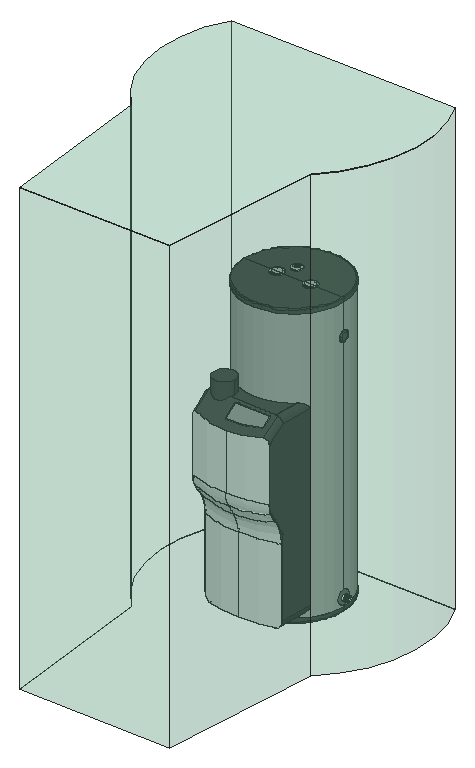
Revit family "Innovo FR_IR 12 160 FR NAT", category Mechanical Equipment, Revit 2015
Parameters (values of type "IR-12-160 FR NAT")
  largeur d'emballage = 786 mm  # constant formula
  l'Intervalle d'Entretien = "12 mois"  # constant formula
  Workspace Radius = Diameter + 170 mm  # 780 mm
  Workspace Height = Hauteur + 1000 mm  # 2745 mm
  Workspace Front Distance = 1000 mm
  Workspace [instance] = yes
  Valve Height 02 = if(and(Hauteur = 1745 mm, Diameter = 675 mm), 1518 mm, if(and(Hauteur = 1745 mm, Diameter = 610 mm), 1534 mm, if(Hauteur = 1545 mm, 1328 mm, 1070 mm)))  # 1534 mm
  Valve Height 01 = if(and(Diameter > 560 mm), 693 mm, 604 mm)  # 693 mm
  Valeur Maximale du Thermostat de Régulation = 85 °C  # constant formula
  Valeur Manimale du Thermostat de Régulation = 40 °C  # constant formula
  Valeur Défaut du Thermostat de Régulation = 65 °C  # constant formula
  URL = "www.aosmith.fr"
  Type d'Installation = "B23/C13/C33/C43/C53/C63"  # constant formula
  Type d'emballage = "Carton et bois"  # constant formula
  Tension d'Alimentation (-15%, +10%) = 230 V  # constant formula
  Température Maximale des Fumées = 57 °C
  Temps de réchauffement à ΔT = 70°C = "49"
  Temps de réchauffement à ΔT = 55°C = "39"
  Temps de réchauffement à ΔT = 50°C = "35"
  Temps de réchauffement à ΔT = 44°C = "31"
  Temps de réchauffement à ΔT = 28°C = "20"
  Spécifications du Produit = ""
  Réglages du thermostat du chauffe-eau = 65 °C  # constant formula
  Réglage Standard Pour = "G20/G25"
  Rendement Saisonnier (Hs) = [Rendement (Hs, acc. NEN-EN 89 - 1999)]  # 97
  Rendement (Hs, acc. NEN-EN 89 - 1999) = 97
  Rendement (Hi, acc. NEN-EN 89 - 1999) = 108
  Raccord Évacuation de la Condensation = 40 mm  # constant formula
  Raccord de la Soupape de Vidange = 1"
  Raccord de Sortie d'Eau Chaude = 1"
  Raccord de Gaz = 15"  # constant formula
  Raccord d'Alimentation en Eau Froide = 3/4"  # constant formula
  Raccord Robinet de Vidange = 3/4"  # constant formula
  Puissance Électrique Absorbée (sommet) = 105 W
  Puissance Électrique Absorbée (nominal) = 51 W
  Profondeur d'emballage = 946 mm  # constant formula
  Profondeur = 780 mm  # constant formula
  Profils de soutirage déclaré = "XXL"
  Production Nominale = "23800.0/23000.0"
  Pression de Fonctionnement Maximale = 800000.0 Pa  # constant formula
  Pression Différentielle d'Ouverture de l'Interrupteur de Pression < = 210.0 Pa
  Pression Amont de Gaz = "2000/2500 Pa"
  Precaustions during assembling, installation or maintenance = "voir Manuel d'installation, d'emploi er d'entretien"  # constant formula
  Poids à vide = 136 kg
  Poids de Transport = 153 kg
  Phase = 1
  Pertes en Veille - tous les jours (24h) = 0 W
  Pertes en Veille = 0 W
  Nombre de modèle du produit (EAN) = "8717449286217"
  Niveau du Son dB (A) = "<45"  # constant formula
  Niveau de puissance acoustique à l'intérieur = "53 dB"
  NOx-émissions mg/kWh = "33.0/25.0"
  NOx-émissions (ven air, 0% O2) ppm = "21.0/15.0"
  Modèdele = "IR-24-285"
  Model = "IR-24-285 FR NAT"
  Marque commerciale = "A.O. Smith"  # constant formula
  Manufacturer = "A.O. Smith Water Products Company b.v."  # constant formula
  Largeur = Diameter  # 610 mm
  La commande intelligente = no
  L'efficacité énergétique pour le chauffage de l'eau (2) = "-"
  L'efficacité énergétique pour le chauffage de l'eau (1) = "91%"
  Hauteur du Raccordement au Gaz = 905 mm
  Hauteur de la Sortie d'eau Chaude = 1745 mm
  Hauteur de l'Alimentation en eau Froide = 170 mm
  Hauteur d'emballage = 1895 mm
  Hauteur Conduit d'Évacuation des Fumées = 1350 mm
  Hauteur Conduit d'Alimentation en Air = 1350 mm
  Hauteur = 1745 mm
  Guide de Produit = ""
  Garantie sur la Cuve = "36 mois"  # constant formula
  Garantie Pièces = "12 mois"  # constant formula
  Fréquence secteur = 50 Hz  # constant formula
  Forctionner qu'en heures creuses = no
  Fabricant No. = "E 7110"  # constant formula
  Epaisseur d'Isolation = 44 mm
  Débit de vidage à ΔT = 70°C après 90 min. = 630.0 L
  Débit de vidage à ΔT = 70°C après 60 min. = 490.0 L
  Débit de vidage à ΔT = 70°C après 30 min. = 340.0 L
  Débit de vidage à ΔT = 70°C après 120 min. = 780.0 L
  Débit de vidage à ΔT = 55°C après 90 min. = 830.0 L
  Débit de vidage à ΔT = 55°C après 60 min. = 650.0 L
  Débit de vidage à ΔT = 55°C après 30 min. = 460.0 L
  Débit de vidage à ΔT = 55°C après 120 min. = 1100.0 L
  Débit de vidage à ΔT = 50°C après 90 min. = 920.0 L
  Débit de vidage à ΔT = 50°C après 60 min. = 720.0 L
  Débit de vidage à ΔT = 50°C après 30 min. = 510.0 L
  Débit de vidage à ΔT = 50°C après 120 min. = 1200.0 L
  Débit de vidage à ΔT = 44°C après 90 min. = 1100.0 L
  Débit de vidage à ΔT = 44°C après 60 min. = 820.0 L
  Débit de vidage à ΔT = 44°C après 30 min. = 590.0 L
  Débit de vidage à ΔT = 44°C après 120 min. = 1300.0 L
  Débit de vidage à ΔT = 28°C après 90 min. = 1700.0 L
  Débit de vidage à ΔT = 28°C après 60 min. = 1400.0 L
  Débit de vidage à ΔT = 28°C après 30 min. = 960.0 L
  Débit de vidage à ΔT = 28°C après 120 min. = 2100.0 L
  Débit de vidage en Continu à ΔT = 70°C = 290.0 L/s
  Débit de vidage en Continu à ΔT = 55°C = 370.0 L/s
  Débit de vidage en Continu à ΔT = 50°C = 410.0 L/s
  Débit de vidage en Continu à ΔT = 44°C = 460.0 L/s
  Débit de vidage en Continu à ΔT = 28°C = 740.0 L/s
  Diamètre Cheminée - Système Parallèle = "2x80"  # constant formula
  Diamètre Cheminée - Système Concentrique = "80/125 mm/mm"  # constant formula
  Diamètre Cheminée - Boiler = "80/125 mm/mm"  # constant formula
  Diameter = 610 mm
  Destination / Country = "France"  # constant formula
  Description = "Préparateur ECS Solaire en Combinaison avec Réservoir de Stockage"  # constant formula
  D'autres profils de soutirage = "-"
  Created By = "http://www.cadcompany.nl/"
  Consommation de Gaz - Volume ltr/hr = "2.30/2.60"
  Consommation de Gaz - Masse kg/h = "a/p"
  Class d'efficacité énergétique (2) = "-"
  Class d'efficacité énergétique (1) = "A"  # constant formula
  Charge Nominale (Valeur Supérieure) = "24400.0/23700.0"
  Charge Nominale (Valeur Inférieure) = "22000.0/21300.0"
  Charge Maximale au Sol = 438 kg
  Catégorie de Gaz = "II2Esi3P"  # constant formula
  Capacité = 285.0 L
  CO2 Émissions (tol. +/- 1.0) vol% = "9.3/9.3"
  CE-PIN = "0063CQ3037"  # constant formula
  BIM Content Developer = "CAD & Company"  # constant formula
  Assembly Code = "D3010"
  Annual fuel consumption (2) = "-"
  Annual fuel consumption (1) = "21 GJ GCV"
  Annual electricity consumption (2) = "-"
  Annual electricity consumption (1) = "45 kWh"
  2ème Entretien (Entretien Général) = "12 mois après l'installation"  # constant formula
  1er Entretien (check-up) = "3 mois après l'installation"  # constant formula
Reference planes
  plane 1 "Center (Front/Back)": y = 0
  plane 2: z = 0
  plane 3 "Center (Left/Right)": x = 0
  plane 4 "Pipe": through (-383.901, 912.349, 194.799) normal (-0.0879, -0.0879, 0.9923)
  plane 5 "footing": y = 118.925
  plane 6 "footing front": y = -237.85
  plane 7: x = -305
  plane 8: x = 305
  plane 9: z = 1745
Forms (mm)
  Revolve 1, solid, material "RAL 9005", detail levels medium+fine
    sketch origin (0, -237.85, 0) x (-1, 0, 0) y (0, 0, 1)
      loop
        line (0, 28.9) -> (-15, 28.9) -> (-15, 26.4) -> (-8.671, 26.4) -> (-8.671, 18) -> (-5.686, 18) -> (-6.626, 17.06) -> (-6.626, 12.06) -> (-8.671, 12.06) -> (-8.671, 10) -> (-10.031, 10) -> (-23.271, 5.181)
        arc (-23.271, 5.181) -> (-23.763, 4.836) -> (-24.017, 4.293) r 1.159
        line (-24.017, 4.293) -> (-24.017, 1.03)
        arc (-24.017, 1.03) -> (-23.715, 0.302) -> (-22.986, 0) r 1.03
        line (-22.986, 0) -> (0, 0) -> (0, 28.9)
      axis (0, 28.9) -> (0, 0)
    angle from 0 to 360
  Revolve 2, solid, material "RAL 9005", detail levels medium+fine
    sketch origin (0, 118.925, 0) x (-1, 0, 0) y (0, 0, 1)
      loop
        line (-205.984, 28.9) -> (-220.984, 28.9) -> (-220.984, 26.4) -> (-214.655, 26.4) -> (-214.655, 18) -> (-211.67, 18) -> (-212.61, 17.06) -> (-212.61, 12.06) -> (-214.655, 12.06) -> (-214.655, 10) -> (-216.015, 10) -> (-229.256, 5.181)
        arc (-229.256, 5.181) -> (-229.747, 4.836) -> (-230.001, 4.293) r 1.159
        line (-230.001, 4.293) -> (-230.001, 1.03)
        arc (-230.001, 1.03) -> (-229.699, 0.302) -> (-228.971, 0) r 1.03
        line (-228.971, 0) -> (-205.984, 0) -> (-205.984, 28.9)
      axis (-205.984, 28.9) -> (-205.984, 0)
    angle from 0 to 360
  Revolve 3, solid, material "RAL 9005", detail levels medium+fine
    sketch origin (0, 118.925, 0) x (-1, 0, 0) y (0, 0, 1)
      loop
        line (204.016, 28.9) -> (189.016, 28.9) -> (189.016, 26.4) -> (195.345, 26.4) -> (195.345, 18) -> (198.33, 18) -> (197.39, 17.06) -> (197.39, 12.06) -> (195.345, 12.06) -> (195.345, 10) -> (193.985, 10) -> (180.744, 5.181)
        arc (180.744, 5.181) -> (180.253, 4.836) -> (179.999, 4.293) r 1.159
        line (179.999, 4.293) -> (179.999, 1.03)
        arc (179.999, 1.03) -> (180.301, 0.302) -> (181.029, 0) r 1.03
        line (181.029, 0) -> (204.016, 0) -> (204.016, 28.9)
      axis (204.016, 28.9) -> (204.016, 0)
    angle from 0 to 360
Lines and regions (mm)
  symbolic lines
    curve 1: line (0, 280.06, 0) -> (0, -280.06, 0)
    curve 2: line (-280.06, 0, 0) -> (280.06, 0, 0)
  symbolic lines, style "Workspace"
    curve 3: line (681.142, 380.06, 0) -> (-681.142, 380.06, 0)
    curve 4: arc (-681.142, 380.06, 0) -> (-777.325, -64.546, 0) -> (-609.127, -487.2, 0) r 780
    curve 5: line (-609.127, -487.2, 0) -> (-421.783, -1517.825, 0)
    curve 6: line (-421.783, -1517.825, 0) -> (424.03, -1517.825, 0)
    curve 7: line (424.03, -1517.825, 0) -> (611.027, -484.816, 0)
    curve 8: arc (611.027, -484.816, 0) -> (777.449, -63.027, 0) -> (681.142, 380.06, 0) r 780
Dimensions and locks
  plane 5 "footing" to plane 1 "Center (Front/Back)" = 118.925 mm
  plane 1 "Center (Front/Back)" to plane 6 "footing front" = 237.85 mm
  "Diameter": plane 7 to plane 8
  equal spacing: plane 7, plane 3 "Center (Left/Right)", plane 8
  "Hauteur": plane 9 to plane 2
  "Workspace Front Distance": curve 6 to nested 3
  "Workspace Radius": radius of curve 4
  "Workspace Radius": radius of curve 8
  aligned and locked: level to plane 2
  aligned and locked: nested 3 to Revolve 1 sketch curve
  aligned and locked: plane 3 "Center (Left/Right)" to Revolve 1 sketch curve
  aligned and locked: nested 3 to plane 1 "Center (Front/Back)"
  aligned and locked: plane 3 "Center (Left/Right)" to nested 3
  aligned and locked: nested 1 to plane 8
  aligned and locked: nested 5 to plane 8
  aligned and locked: nested 2 to plane 7
  aligned and locked: nested 4 to plane 7
  aligned and locked: nested 7 to plane 7
  aligned and locked: nested 8 to plane 3 "Center (Left/Right)"
  aligned and locked: nested 8 to nested 3
  aligned and locked: curve 3 to nested 8
Automatic sketch dimensions
  Revolve 1 sketch curve to level = 0 mm
  plane 3 "Center (Left/Right)" to Revolve 1 sketch curve = 5.686 mm
  Revolve 1 sketch curve to Revolve 1 sketch curve = 0.94 mm  (x2)
  Revolve 1 sketch curve to Revolve 1 sketch curve = 2.046 mm  (x2)
  Revolve 1 sketch curve to Revolve 1 sketch curve = 1.359 mm
  Revolve 1 sketch curve to Revolve 1 sketch curve = 6.329 mm
  level to Revolve 1 sketch curve = 4.091 mm
  Revolve 1 sketch curve to Revolve 1 sketch curve = 12.844 mm
  level to Revolve 1 sketch curve = 1.03 mm
  Revolve 1 sketch curve to Revolve 1 sketch curve = 0.111 mm
  level to Revolve 1 sketch curve = 5.181 mm
  Revolve 1 sketch curve to Revolve 1 sketch curve = 0.745 mm
  level to Revolve 1 sketch curve = 10 mm
  Revolve 1 sketch curve to Revolve 1 sketch curve = 2.06 mm
  Revolve 1 sketch curve to Revolve 1 sketch curve = 5 mm
  Revolve 1 sketch curve to Revolve 1 sketch curve = 8.4 mm
  Revolve 1 sketch curve to Revolve 1 sketch curve = 2.5 mm
  Revolve 1 sketch curve to level = 19.635 mm
  Revolve 1 sketch curve to Revolve 1 sketch curve = 46.465 mm
  Revolve 2 sketch curve to level = 0 mm
  level to Revolve 2 sketch curve = 1.03 mm
  Revolve 2 sketch curve to plane 8 = 74.999 mm
  level to Revolve 2 sketch curve = 5.181 mm
  Revolve 2 sketch curve to Revolve 2 sketch curve = 0.745 mm
  Revolve 2 sketch curve to Revolve 2 sketch curve = 0.397 mm
  Revolve 2 sketch curve to Revolve 2 sketch curve = 8.271 mm
  Revolve 2 sketch curve to Revolve 2 sketch curve = 13.241 mm
  Revolve 2 sketch curve to Revolve 2 sketch curve = 1.359 mm
  Revolve 2 sketch curve to Revolve 2 sketch curve = 6.329 mm
  Revolve 2 sketch curve to Revolve 2 sketch curve = 2.046 mm
  level to Revolve 2 sketch curve = 18 mm
  Revolve 2 sketch curve to Revolve 2 sketch curve = 0.94 mm  (x2)
  Revolve 2 sketch curve to Revolve 2 sketch curve = 8.671 mm
  Revolve 2 sketch curve to Revolve 2 sketch curve = 1.089 mm
  Revolve 2 sketch curve to Revolve 2 sketch curve = 8 mm
  Revolve 2 sketch curve to Revolve 2 sketch curve = 2.06 mm
  Revolve 2 sketch curve to Revolve 2 sketch curve = 8.4 mm
  Revolve 2 sketch curve to Revolve 2 sketch curve = 2.5 mm
  Revolve 2 sketch curve to Revolve 2 sketch curve = 0 mm
  Revolve 2 sketch curve to level = 19.635 mm
  Revolve 2 sketch curve to Revolve 2 sketch curve = 46.465 mm
  Revolve 3 sketch curve to level = 0 mm
  level to Revolve 3 sketch curve = 1.03 mm
  Revolve 3 sketch curve to plane 7 = 125.001 mm
  level to Revolve 3 sketch curve = 5.181 mm
  Revolve 3 sketch curve to Revolve 3 sketch curve = 0.745 mm
  Revolve 3 sketch curve to Revolve 3 sketch curve = 0.397 mm
  Revolve 3 sketch curve to Revolve 3 sketch curve = 8.271 mm
  Revolve 3 sketch curve to Revolve 3 sketch curve = 13.241 mm
  Revolve 3 sketch curve to Revolve 3 sketch curve = 1.359 mm
  Revolve 3 sketch curve to Revolve 3 sketch curve = 6.329 mm
  Revolve 3 sketch curve to Revolve 3 sketch curve = 2.046 mm
  level to Revolve 3 sketch curve = 18 mm
  Revolve 3 sketch curve to Revolve 3 sketch curve = 0.94 mm  (x2)
  Revolve 3 sketch curve to Revolve 3 sketch curve = 8.671 mm
  Revolve 3 sketch curve to Revolve 3 sketch curve = 1.089 mm
  Revolve 3 sketch curve to Revolve 3 sketch curve = 8 mm
  Revolve 3 sketch curve to Revolve 3 sketch curve = 2.06 mm
  Revolve 3 sketch curve to Revolve 3 sketch curve = 8.4 mm
  Revolve 3 sketch curve to Revolve 3 sketch curve = 2.5 mm
  Revolve 3 sketch curve to Revolve 3 sketch curve = 0 mm
  Revolve 3 sketch curve to level = 19.635 mm
  Revolve 3 sketch curve to Revolve 3 sketch curve = 46.465 mm
  curve 4 to curve 8 = 0 mm  (x2)
  plane 1 "Center (Front/Back)" to curve 2 = 0 mm
  curve 1 to plane 3 "Center (Left/Right)" = 0 mm
  plane 1 "Center (Front/Back)" to curve 4 = 0 mm
  curve 4 to plane 3 "Center (Left/Right)" = 0 mm
  curve 5 to plane 6 "footing front" = 249.35 mm
  plane 7 to curve 5 = 116.783 mm
  plane 8 to curve 7 = 119.03 mm
  curve 7 to plane 6 "footing front" = 246.966 mm
  curve 2 to plane 7 = 24.94 mm
  curve 2 to plane 8 = 24.94 mm
  curve 1 to plane 6 "footing front" = 42.21 mm
  plane 5 "footing" to curve 1 = 161.135 mm
Nested families
  nested 1: "Valve" at (305, -0.38, 1534) x (0, 1, 0) z (0, 0, 1), built-in parameter 1001364 <- "Valve Height 02", type "Valve"
  nested 2: "Drain Valve" at (-305, 0, 1534), built-in parameter 1001364 <- "Valve Height 02", type "Drain Valve"
  nested 3: "Housing Mother Housing S 57 (external)" at (0, -299.886, 0), type "Housing Mother_Housing S_57"
    with radius 305 mm, distance to boiler center 154 mm, diameter 610 mm
  nested 4: "Drain Valve" at (-305, 0, 177), type "Drain Valve"
  nested 5: "Drain Valve" at (305, 0, 107) x (-1, 0, 0) z (0, 0, 1), type "Drain Valve"
  nested 6: "Boiler" at (0, 0, 0), height <- "Hauteur", type "Boiler"
    with height 1745 mm, radius 305 mm, Diameter 610 mm
  nested 7: "Drain Valve" at (-305, 0, 693), built-in parameter 1001364 <- "Valve Height 01", type "Drain Valve"
  nested 8: "Innovo_workspace" at (0, 0, 0), Workspace Distance Front <- "Workspace Front Distance", Workspace <- "Workspace", Workspace Height <- "Workspace Height", Workspace Radius <- "Workspace Radius", type "Workspace"
    with Workspace Radius 780 mm, Workspace Height 2745 mm, Workspace Distance Front 1000 mm, Workspace yes, Center to Front 517.825 mm
Connectors
  piping at (339.826, 0, 107), diameter 19.05, driven by "Raccord Robinet de Vidange"
    settings: on nested 5, index 1, connector inside diameter 24", connector length 0 mm, flow factor 0, pipe flow 0.0 L/s, pressure drop 0.0 Pa, fitting loss kfactor 0, connector angle 0.00°, fixture units 0, engagement length 0 mm, angle of deflection 0.00°, flow configuration 0, flow direction 0, fitting loss method 0, system type 19, joint type 0, gender type 0, connector reference index -1, connector utility 0, adjustable connector no, is connector primary yes, connector description ""
  hvac at (-147.013, -346.326, 1310.674)
    settings: on nested 3, index 2, duct flow 0.0 L/s, flow factor 0, pres drop 0.0 Pa, loss coef 0, conn angle 0.00°, conn width 304.8 mm, conn height 304.8 mm, conn diameter 125 mm, duct sys type 4, conn prof type 0, flow config 0, flow direction 0, loss method 0, conn ref index -1, conn util no, is conn primary yes, conn desc ""
Definition of nested family "Valve"
  Parameters (values of type "Valve")
    Type Comments = "T&P valve (internal)"
    Manufacturer = "A.O. Smith"
  Reference planes
    plane 1 "Center (Front/Back)": y = 0
    plane 2: z = 0
    plane 3 "Center (Left/Right)": x = 0
  Forms (mm)
    Extrusion 1, solid, detail levels fine
      sketch origin (0, 0, 0) x (1, 0, 0) y (0, 0, 1)
        loop
          circle (0, 0) r 31.5
      from -2.271 to 1.4
    Sweep 2, solid, detail levels fine
      path origin (0, -1.4, 0) x (1, 0, 0) y (0, 0, 1)
        loop
          circle (0, 0) r 31.5
      profile origin (0, -1.4, 31.5) x (0, 0, -1) y (0, -1, 0)
        loop
          line (7.3, 0) -> (7.3, 3) -> (0, 0) -> (7.3, 0)
  Dimensions and locks
    aligned and locked: level to plane 2
Definition of nested family "Drain Valve"
  Reference planes
    plane 1 "Center (Front/Back)": y = 0
    plane 2: z = 0
    plane 3 "Center (Left/Right)": x = 0
  Forms (mm)
    Revolve 1, solid, detail levels medium+fine
      sketch origin (0, 0, 0) x (1, 0, 0) y (0, 0, 1)
        loop
          line (-33.442, 15.696) -> (-34.826, 14.329) -> (-34.93, 12.731) -> (-16.555, 12.731) -> (-16.555, 0) -> (15.787, 0) -> (15.787, 18.3) -> (-14.4, 18.3) -> (-17.148, 15.533) -> (-18.729, 16.697) -> (-20.091, 15.333) -> (-21.672, 16.496) -> (-23.034, 15.133) -> (-24.614, 16.296) -> (-25.976, 14.932) -> (-27.557, 16.096) -> (-28.919, 14.732) -> (-30.5, 15.896) -> (-31.862, 14.532) -> (-33.442, 15.696)
        axis (-34.93, 0) -> (15.787, 0)
      angle from 0 to 360
  Dimensions and locks
    aligned and locked: level to plane 2
  Nested families
    nested 1: "Rubber sealing" at (2.592, -0.155, 0) x (0.0023, -1, 0) z (0, 0, 1), type "Rubber sealing", detail levels fine
  Definition of nested family "Rubber sealing"
    Reference planes
      plane 1 "Center (Front/Back)": y = 0
      plane 2: z = 0
      plane 3 "Center (Left/Right)": x = 0
    Forms (mm)
      Extrusion 1, solid, detail levels fine
        sketch origin (141.861, 319.581, 0) x (1, 0, 0) y (0, 1, 0)
          loop
            line (-216.354, -311.898) -> (-216.354, -313.94)
            arc (-216.354, -313.94) -> (-141.602, -321.581) -> (-66.861, -313.835) r 366.966
            line (-66.861, -313.835) -> (-66.861, -311.791)
            arc (-66.861, -311.791) -> (-141.602, -319.581) -> (-216.354, -311.898) r 364.966
        from -80 to 80
      Extrusion 2, void
        sketch origin (141.861, 319.581, 0) x (1, 0, 0) y (0, 0, 1)
          loop
            circle (-141.861, 0) r 13
          loop
            circle (-141.861, 0) r 110
          loop
            circle (-141.861, 0) r 40
        from 311.563 to 332.684
      Extrusion 3, void
        sketch origin (141.861, 319.581, 0) x (1, 0, 0) y (0, 0, 1)
          loop
            circle (-141.861, 0) r 18.25
        from 315.524 to 326.084
    Cuts and joins
      Extrusion 2, Extrusion 3 cuts Extrusion 1
    Dimensions and locks
      aligned and locked: level to plane 2
Definition of nested family "Housing Mother Housing S 57 (external)"
  Parameters (values of type "Housing Mother_Housing S_57")
    radius [instance] = 280 mm
    distance to boiler center = if(diameter = 675 mm, 189 mm, if(diameter = 610 mm, 154 mm, 129 mm))  # 129 mm
    diameter = 560 mm
  Reference planes
    plane 1 "Center (Front/Back)": y = 0
    plane 2: z = 0
    plane 3 "Center (Left/Right)": x = 0
    plane 4 "left": through (-245.286, 145.886, 1200) normal (0.9994, 0.0349, 0)
    plane 5: y = -217.939
    plane 6: y = 145.886
    plane 7: z = 1232.6
    plane 8: z = 65.89
    plane 9 "right": through (245.286, 145.886, 1200) normal (0.9994, -0.0349, 0)
    plane 10 "display": through (0, -90.37, 1221.196) normal (0, -0.5736, 0.8192)
    plane 11 "Potentiostat": z = 867.899
    plane 12 "boiler center": y = 274.886
    plane 13: x = -280
    plane 14: x = 280
  Forms (mm)
    Extrusion 1, solid
      sketch origin (0, 0, 0) x (1, 0, 0) y (0, 1, 0)
        loop
          line (-245.286, 145.886) -> (-232.581, -217.939) -> (232.581, -217.939) -> (245.286, 145.886)
          arc (245.286, 145.886) -> (0, 0.923) -> (-245.286, 145.886) r 280
      from 0 to 1232.6
    Sweep 2, void
      path origin (0, 0, 0) x (0, 1, 0) y (0, 0, 1)
        loop
          line (-217.939, 1232.6) -> (-217.939, 795.555)
          arc (-217.939, 795.555) -> (-212.387, 754.285) -> (-197.694, 715.322) r 183.924
          arc (-197.694, 715.322) -> (-179.915, 684.628) -> (-159.106, 655.901) r 348.284
          arc (-159.106, 655.901) -> (-131.411, 600.328) -> (-121.88, 538.973) r 202.254
          line (-121.88, 538.973) -> (-121.88, 61.106)
      profile origin (0, -217.939, 1014.077) x (1, 0, 0) y (0, 1, 0)
        loop
          arc (0, 0) -> (-117.533, 9.941) -> (-231.728, 39.475) r 699.984
          arc (-231.728, 39.475) -> (-233.391, 40.705) -> (-234.07, 42.659) r 3.505
          line (-234.07, 42.659) -> (-254.062, 42.659) -> (-254.062, -142.593) -> (254.07, -142.593) -> (254.07, 42.659) -> (234.07, 42.659)
          arc (234.07, 42.659) -> (233.391, 40.705) -> (231.728, 39.475) r 3.505
          arc (231.728, 39.475) -> (117.533, 9.941) -> (0, 0) r 699.984
    Extrusion 3, void
      sketch origin (0, 0, 0) x (0, 1, 0) y (0, 0, 1)
        loop
          arc (102.864, 70.869) -> (99.804, 70.709) -> (96.874, 69.813) r 12.57
          arc (96.874, 69.813) -> (87.878, 66.533) -> (78.516, 64.529) r 69.114
          arc (78.516, 64.529) -> (76.41, 64.284) -> (74.294, 64.148) r 41.206
          arc (74.294, 64.148) -> (65.203, 64.335) -> (56.122, 64.782) r 318.661
          arc (56.122, 64.782) -> (30.585, 66.179) -> (5.028, 67.128) r 1456.581
          line (5.028, 67.128) -> (-84.534, 73.135)
          arc (-84.534, 73.135) -> (-86.363, 73.808) -> (-87.536, 75.365) r 3.455
          line (-87.536, 75.365) -> (-264.473, 75.365) -> (-264.473, 0) -> (160.886, 0) -> (160.886, 103.945) -> (145.886, 103.945)
          arc (145.886, 103.945) -> (145.104, 97.827) -> (142.923, 92.059) r 26.364
          arc (142.923, 92.059) -> (141.067, 88.936) -> (138.867, 86.045) r 31.715
          arc (138.867, 86.045) -> (135.576, 82.49) -> (132.021, 79.2) r 62.615
          arc (132.021, 79.2) -> (125.841, 74.697) -> (119.091, 71.103) r 54.444
          arc (119.091, 71.103) -> (116.371, 70.272) -> (113.531, 70.123) r 11.669
          line (113.531, 70.123) -> (102.864, 70.869)
      from -254.062 to 254.07
    Sweep 4, void
      path origin (0, 0, 0) x (1, 0, 0) y (0, 1, 0)
        loop
          line (-245.286, 145.886) -> (-232.581, -217.939)
      profile origin (-238.933, -36.027, 0) x (0.999391, 0.034899, 0) y (0, 0, 1)
        loop
          line (-4.454, 0) -> (47.084, 0) -> (47.084, 73.431)
          arc (47.084, 73.431) -> (14.222, 85.134) -> (0.255, 117.1) r 43.922
          line (0.255, 117.1) -> (-4.454, 117.1) -> (-4.454, 0)
    Sweep 5, void
      path origin (0, 0, 0) x (-1, 0, 0) y (0, 1, 0)
        loop
          line (-245.286, 145.886) -> (-232.581, -217.939)
      profile origin (238.933, -36.027, 0) x (0.999391, -0.034899, 0) y (0, 0, 1)
        loop
          line (4.454, 0) -> (4.454, 117.1) -> (-0.255, 117.1)
          arc (-0.255, 117.1) -> (-14.222, 85.134) -> (-47.084, 73.431) r 43.922
          line (-47.084, 73.431) -> (-47.084, 0) -> (4.454, 0)
    Sweep 6, void
      path origin (-239.899, -8.377, 0) x (-0.034899, 0.999391, 0) y (0, 0, 1)
        loop
          line (-209.69, 1141.272) -> (-79.18, 1232.6) -> (154.358, 1232.6)
      profile origin (-241.211, 29.188, 1232.6) x (0, 0, 1) y (0.999391, 0.034899, 0)
        loop
          line (-45, -30) -> (75, -30) -> (75, 0) -> (75, 55) -> (2.799, 55) -> (-1.253, 35.128)
          arc (-1.253, 35.128) -> (-16.771, 9.564) -> (-45, -0.308) r 44.287
          line (-45, -0.308) -> (-45, -30)
    Sweep 7, void
      path origin (239.899, -8.377, 0) x (0.034899, 0.999391, 0) y (0, 0, 1)
        loop
          line (-209.69, 1141.272) -> (-79.18, 1232.6) -> (154.358, 1232.6)
      profile origin (241.211, 29.188, 1232.6) x (0, 0, -1) y (-0.999391, 0.034899, 0)
        loop
          line (-75, -25) -> (45, -25) -> (45, -0.308)
          arc (45, -0.308) -> (16.771, 9.564) -> (1.253, 35.128) r 44.287
          line (1.253, 35.128) -> (-2.799, 55) -> (-75, 55) -> (-75, -25)
    Extrusion 8, void
      sketch origin (0, 0, 0) x (0, 1, 0) y (0, 0, 1)
        loop
          line (-270, 1336.099) -> (-270, 1099.081) -> (68.497, 1336.099) -> (-270, 1336.099)
      from -425.038 to 444.42
    Extrusion 9, solid, detail levels medium+fine
      sketch origin (0, 0, 0) x (1, 0, 0) y (0, 1, 0)
        loop
          circle (-147.013, -46.44) r 65
      from 1163.174 to 1310.674
    Extrusion 10, void
      sketch origin (0, -603.506, 861.895) x (0, 0.819152, 0.573576) y (-1, 0, 0)
        loop
          arc (618.322, -173) -> (623.272, -170.95) -> (625.322, -166) r 7
          line (625.322, -166) -> (625.322, 35)
          arc (625.322, 35) -> (623.272, 39.95) -> (618.322, 42) r 7
          line (618.322, 42) -> (535.473, 42)
          arc (535.473, 42) -> (530.688, 40.11) -> (528.488, 35.46) r 7
          arc (528.488, 35.46) -> (531.569, -67.592) -> (554.18, -168.18) r 540
          arc (554.18, -168.18) -> (556.724, -171.668) -> (560.831, -173) r 7
          line (560.831, -173) -> (618.322, -173)
      from 0 to 137.286
    Sweep 11, solid, detail levels fine
      path origin (0, 0, 867.899) x (-1, 0, 0) y (0, -1, 0)
        loop
          line (309.749, -35.617) -> (204.371, -35.617)
          arc (204.371, -35.617) -> (196.509, -34.687) -> (189.082, -31.947) r 33.677
          line (189.082, -31.947) -> (-9.574, 69.274)
      profile origin (-257.06, 35.617, 867.899) x (0, 1, 0) y (0, 0, 1)
        loop
          circle (0, 0) r 7.316
        loop
          circle (0, 0) r 6.465
    Revolve 12, void
      sketch origin (0, 274.886, 0) x (-1, 0, 0) y (0, 0, 1)
        loop
          line (280, 1243.838) -> (0, 1243.838) -> (0, 54.9) -> (280, 54.9) -> (280, 1243.838)
        axis (0, 1243.838) -> (0, 54.9)
      angle from 0 to 360
  Cuts and joins
    Sweep 2, Extrusion 3, Sweep 4, Sweep 5, Sweep 6, Sweep 7, Extrusion 8, Extrusion 10, Revolve 12 cuts Extrusion 1
  Dimensions and locks
    plane 8 to plane 2 = 65.89 mm
    plane 7 to plane 8 = 1166.71 mm
    "distance to boiler center": plane 12 "boiler center" to plane 6
    "diameter": plane 14 to plane 13
    equal spacing: plane 14, plane 3 "Center (Left/Right)", plane 13
    "radius": plane 3 "Center (Left/Right)" to plane 13
    aligned and locked: level to plane 2
    aligned and locked: Extrusion 1 to plane 7
    aligned and locked: Extrusion 1 sketch curve to plane 5
    aligned and locked: Sweep 2 to Extrusion 3
    aligned and locked: Extrusion 3 to Sweep 2  (x2)
    aligned and locked: plane 7 to Sweep 2 sketch curve
    aligned and locked: plane 3 "Center (Left/Right)" to Revolve 12 sketch curve
    aligned and locked: Revolve 12 sketch curve to plane 3 "Center (Left/Right)"
    aligned and locked: plane 13 to Revolve 12 sketch curve
  Automatic sketch dimensions
    Extrusion 1 sketch curve to plane 4 "left" = 0 mm  (x2)
    Extrusion 1 sketch curve to plane 6 = 0 mm  (x2)
    Extrusion 1 sketch curve to plane 3 "Center (Left/Right)" = 0 mm
    Extrusion 1 sketch curve to plane 9 "right" = 0 mm
    plane 6 to Extrusion 1 sketch curve = 135.037 mm
    Sweep 2 sketch curve to plane 5 = 0 mm
    plane 5 to Sweep 2 sketch curve = 106.195 mm
    Sweep 2 sketch curve to plane 5 = 96.059 mm
    plane 1 "Center (Front/Back)" to Sweep 2 sketch curve = 34.053 mm
    plane 11 "Potentiostat" to Sweep 2 sketch curve = 6.417 mm
    Sweep 2 sketch curve to plane 6 = 33.705 mm
    Sweep 2 sketch curve to plane 11 "Potentiostat" = 68.615 mm
    Sweep 2 sketch curve to plane 11 "Potentiostat" = 72.345 mm
    Sweep 2 sketch curve to Sweep 2 sketch curve = 176.349 mm
    Sweep 2 sketch curve to Sweep 2 sketch curve = 0 mm  (x2)
    plane 8 to Sweep 2 sketch curve = 4.784 mm
    Extrusion 3 sketch curve to level = 0 mm
    Extrusion 3 sketch curve to plane 6 = 0 mm
    Extrusion 3 sketch curve to plane 6 = 26.363 mm
    Extrusion 3 sketch curve to Extrusion 3 sketch curve = 4.75 mm
    Extrusion 3 sketch curve to Extrusion 3 sketch curve = 5.179 mm
    Extrusion 3 sketch curve to plane 8 = 4.232 mm
    Extrusion 3 sketch curve to Extrusion 3 sketch curve = 0.814 mm
    Extrusion 3 sketch curve to plane 8 = 4.978 mm
    Extrusion 3 sketch curve to Extrusion 3 sketch curve = 10.667 mm
    Extrusion 3 sketch curve to Extrusion 3 sketch curve = 0.877 mm
    Extrusion 3 sketch curve to Extrusion 3 sketch curve = 17.827 mm
    Extrusion 3 sketch curve to Extrusion 3 sketch curve = 5.646 mm
    Extrusion 3 sketch curve to plane 6 = 69.562 mm
    Extrusion 3 sketch curve to Extrusion 3 sketch curve = 18.6 mm
    Extrusion 3 sketch curve to Extrusion 3 sketch curve = 22.538 mm
    Extrusion 3 sketch curve to plane 8 = 1.238 mm
    Extrusion 3 sketch curve to plane 1 "Center (Front/Back)" = 5.028 mm
    plane 1 "Center (Front/Back)" to Extrusion 3 sketch curve = 36.224 mm
    Extrusion 3 sketch curve to plane 8 = 10.692 mm
    plane 1 "Center (Front/Back)" to Extrusion 3 sketch curve = 84.302 mm
    Extrusion 3 sketch curve to plane 8 = 7.244 mm
    Extrusion 3 sketch curve to Extrusion 3 sketch curve = 0.231 mm
    Extrusion 3 sketch curve to Extrusion 3 sketch curve = 3.234 mm
    plane 5 to Extrusion 3 sketch curve = 46.534 mm
    plane 6 to Extrusion 3 sketch curve = 15 mm
    Extrusion 3 sketch curve to level = 1388.869 mm
    plane 8 to Extrusion 3 sketch curve = 7.561 mm
    Extrusion 3 sketch curve to Extrusion 3 sketch curve = 11.64 mm
    Extrusion 3 sketch curve to plane 8 = 38.054 mm
    Extrusion 3 sketch curve to Extrusion 3 sketch curve = 22.442 mm
    Extrusion 3 sketch curve to plane 8 = 39.432 mm
    Extrusion 3 sketch curve to Extrusion 3 sketch curve = 2.466 mm
    Extrusion 3 sketch curve to Extrusion 3 sketch curve = 14.17 mm
    Extrusion 3 sketch curve to Extrusion 3 sketch curve = 5.925 mm
    Extrusion 3 sketch curve to Extrusion 3 sketch curve = 6.186 mm
    Extrusion 3 sketch curve to Extrusion 3 sketch curve = 249.85 mm
    Extrusion 3 sketch curve to Extrusion 3 sketch curve = 0 mm  (x4)
    Extrusion 3 sketch curve to Extrusion 3 sketch curve = 6.845 mm
    plane 8 to Extrusion 3 sketch curve = 1.743 mm
    Sweep 4 sketch curve to plane 4 "left" = 0 mm  (x2)
    Sweep 4 sketch curve to plane 6 = 0 mm
    plane 5 to Sweep 4 sketch curve = 0 mm
    Sweep 4 sketch curve to level = 0 mm
    profile plane to Sweep 4 sketch curve = 4.454 mm
    Sweep 4 sketch curve to profile plane = 0.255 mm
    Sweep 4 sketch curve to Sweep 4 sketch curve = 43.922 mm
    Sweep 4 sketch curve to profile plane = 47.084 mm
    level to Sweep 4 sketch curve = 73.431 mm
    Sweep 4 sketch curve to Sweep 4 sketch curve = 43.669 mm
    Sweep 5 sketch curve to plane 6 = 0 mm
    Sweep 5 sketch curve to plane 9 "right" = 0 mm  (x2)
    plane 5 to Sweep 5 sketch curve = 0 mm
    Sweep 5 sketch curve to level = 0 mm
    profile plane to Sweep 5 sketch curve = 47.084 mm
    Sweep 5 sketch curve to Sweep 5 sketch curve = 2.907 mm
    profile plane to Sweep 5 sketch curve = 0.255 mm
    Sweep 5 sketch curve to profile plane = 4.454 mm
    level to Sweep 5 sketch curve = 73.431 mm
    Sweep 5 sketch curve to Sweep 5 sketch curve = 43.669 mm
    Sweep 6 sketch curve to plane 7 = 0 mm
    plane 7 to Sweep 6 sketch curve = 91.328 mm
    Sweep 6 sketch curve to Sweep 6 sketch curve = 130.509 mm
    Sweep 6 sketch curve to Sweep 6 sketch curve = 233.538 mm
    Sweep 6 sketch curve to plane 4 "left" = 0 mm
    profile plane to Sweep 6 sketch curve = 45 mm
    Sweep 6 sketch curve to Sweep 6 sketch curve = 0.354 mm
    profile plane to Sweep 6 sketch curve = 1.253 mm
    Sweep 6 sketch curve to profile plane = 2.799 mm
    Sweep 6 sketch curve to Sweep 6 sketch curve = 72.201 mm
    Sweep 6 sketch curve to plane 4 "left" = 0.308 mm
    Sweep 6 sketch curve to Sweep 6 sketch curve = 29.692 mm
    plane 4 "left" to Sweep 6 sketch curve = 35.128 mm
    plane 4 "left" to Sweep 6 sketch curve = 55 mm
    Sweep 7 sketch curve to plane 7 = 0 mm
    Sweep 7 sketch curve to plane 7 = 91.328 mm
    Sweep 7 sketch curve to Sweep 7 sketch curve = 130.509 mm
    Sweep 7 sketch curve to Sweep 7 sketch curve = 233.538 mm
    Sweep 7 sketch curve to plane 9 "right" = 25 mm
    profile plane to Sweep 7 sketch curve = 75 mm
    profile plane to Sweep 7 sketch curve = 2.799 mm
    Sweep 7 sketch curve to profile plane = 1.253 mm
    Sweep 7 sketch curve to Sweep 7 sketch curve = 43.393 mm
    Sweep 7 sketch curve to profile plane = 45 mm
    Sweep 7 sketch curve to plane 9 "right" = 0.308 mm
    plane 9 "right" to Sweep 7 sketch curve = 35.128 mm
    Sweep 7 sketch curve to Sweep 7 sketch curve = 19.872 mm
    plane 5 to Extrusion 8 sketch curve = 52.061 mm
    Extrusion 8 sketch curve to plane 1 "Center (Front/Back)" = 68.497 mm
    plane 7 to Extrusion 8 sketch curve = 133.519 mm
    Extrusion 8 sketch curve to plane 7 = 103.499 mm
    plane 1 "Center (Front/Back)" to Extrusion 9 sketch curve = 46.44 mm
    Extrusion 9 sketch curve to plane 3 "Center (Left/Right)" = 147.013 mm
    Extrusion 10 sketch curve to plane 3 "Center (Left/Right)" = 0 mm
    Extrusion 10 sketch curve to plane 3 "Center (Left/Right)" = 35 mm
    Extrusion 10 sketch curve to Extrusion 10 sketch curve = 25.359 mm
    Extrusion 10 sketch curve to Extrusion 10 sketch curve = 57.491 mm
    Extrusion 10 sketch curve to plane 3 "Center (Left/Right)" = 42 mm
    Extrusion 10 sketch curve to Extrusion 10 sketch curve = 82.85 mm
    Extrusion 10 sketch curve to Extrusion 10 sketch curve = 7 mm
    Extrusion 10 sketch curve to Extrusion 10 sketch curve = 442 mm
    plane 3 "Center (Left/Right)" to Extrusion 10 sketch curve = 166 mm
    Extrusion 10 sketch curve to Extrusion 10 sketch curve = 0 mm  (x2)
    Sweep 11 sketch curve to plane 1 "Center (Front/Back)" = 31.947 mm
    Sweep 11 sketch curve to plane 3 "Center (Left/Right)" = 189.082 mm
    Sweep 11 sketch curve to plane 1 "Center (Front/Back)" = 1.94 mm
    Sweep 11 sketch curve to Sweep 11 sketch curve = 15.289 mm
    plane 3 "Center (Left/Right)" to Sweep 11 sketch curve = 9.574 mm
    Sweep 11 sketch curve to Sweep 11 sketch curve = 105.378 mm
    plane 1 "Center (Front/Back)" to Sweep 11 sketch curve = 69.274 mm
    Sweep 11 sketch curve to Sweep 11 sketch curve = 0 mm  (x2)
    Sweep 11 sketch curve to plane 11 "Potentiostat" = 0 mm
    Sweep 11 sketch curve to profile plane = 0 mm
    plane 8 to Revolve 12 sketch curve = 10.99 mm
    Revolve 12 sketch curve to plane 7 = 11.238 mm
    Revolve 12 sketch curve to level = 366.045 mm
    Revolve 12 sketch curve to Revolve 12 sketch curve = 971.917 mm
    Sweep 2 sketch curve to plane 3 "Center (Left/Right)" = 0 mm
    profile plane to Sweep 2 sketch curve = 0 mm
    Sweep 2 sketch curve to plane 3 "Center (Left/Right)" = 0.016 mm
    Sweep 2 sketch curve to profile plane = 42.782 mm  (x2)
    Sweep 2 sketch curve to plane 3 "Center (Left/Right)" = 230.568 mm
    plane 3 "Center (Left/Right)" to Sweep 2 sketch curve = 0.016 mm
    plane 3 "Center (Left/Right)" to Sweep 2 sketch curve = 230.568 mm
    Sweep 2 sketch curve to Sweep 2 sketch curve = 3.502 mm  (x2)
    Sweep 2 sketch curve to Sweep 2 sketch curve = 20 mm
    profile plane to Sweep 2 sketch curve = 142.593 mm
    Sweep 2 sketch curve to Sweep 2 sketch curve = 0.122 mm  (x2)
    Sweep 2 sketch curve to Sweep 2 sketch curve = 657.203 mm
    Sweep 2 sketch curve to Sweep 2 sketch curve = 19.991 mm
    radius of Extrusion 9 sketch curve = 65 mm
    radius of Sweep 11 sketch curve = 7.316 mm
    radius of Sweep 11 sketch curve = 6.465 mm
  Nested families
    nested 1: "display" at (65.5, -130.939, 1192.79) x (-1, 0, 0) z (0, -0.5736, 0.8192), type "display"
  Definition of nested family "display"
    Parameters (values of type "display")
      Default Elevation = 1219.2 mm
    Reference planes
      plane 1 "Center (Front/Back)": y = 0
      plane 2: z = 0
      plane 3 "Center (Left/Right)": x = 0
    Forms (mm)
      Extrusion 1, solid, detail levels medium+fine
        sketch origin (-16.958, 11.842, -343.878) x (1, 0, 0) y (0, 0, -1)
          loop
            line (-233.523, -343.878) -> (-233.523, -346.592) -> (332.686, -346.592) -> (332.686, -343.878) -> (-233.523, -343.878)
        from -228.7 to 150.822
      Extrusion 2, void
        sketch origin (-16.958, 6.842, -343.878) x (1, 0, 0) y (0, 1, 0)
          loop
            line (-233.523, 155.822) -> (-233.523, -223.7) -> (332.686, -223.7) -> (332.686, 155.822) -> (-233.523, 155.822)
          loop
            arc (-90.542, -48.267) -> (-88.492, -53.216) -> (-83.542, -55.267) r 7
            line (-83.542, -55.267) -> (117.458, -55.267)
            arc (117.458, -55.267) -> (122.408, -53.216) -> (124.458, -48.267) r 7
            line (124.458, -48.267) -> (124.458, 34.583)
            arc (124.458, 34.583) -> (122.568, 39.368) -> (117.918, 41.568) r 7
            arc (117.918, 41.568) -> (14.866, 38.487) -> (-85.722, 15.876) r 540
            arc (-85.722, 15.876) -> (-89.21, 13.332) -> (-90.542, 9.224) r 7
            line (-90.542, 9.224) -> (-90.542, -48.267)
        from 328.878 to 363.083
    Cuts and joins
      Extrusion 2 cuts Extrusion 1
    Dimensions and locks
      aligned and locked: level to plane 2
Definition of nested family "Boiler"
  Parameters (values of type "Boiler")
    radius [instance] = 280 mm
    height [instance] = 1270 mm
    Diameter = 560 mm
  Reference planes
    plane 1 "Center (Front/Back)": y = 0
    plane 2: z = 0
    plane 3 "Center (Left/Right)": x = 0
    plane 4: z = 1243.838
    plane 5: z = 1270
    plane 6 "bottom": z = 28.9
    plane 7: z = 54.9
    plane 8 "top controle": y = 88
    plane 9: x = -280
    plane 10: x = 280
  Forms (mm)
    Revolve 1, solid
      sketch origin (0, 0, 0) x (1, 0, 0) y (0, 0, 1)
        loop
          line (0, 54.9) -> (-280, 54.9) -> (-280, 32.9)
          arc (-280, 32.9) -> (-278.828, 30.072) -> (-276, 28.9) r 4
          line (-276, 28.9) -> (0, 28.9) -> (0, 54.9)
        axis (0, 28.9) -> (0, 54.9)
      angle from 0 to 360
    Revolve 2, solid
      sketch origin (1.311, 0, 0) x (1, 0, 0) y (0, 0, 1)
        loop
          line (-278.86, 1243.838) -> (-278.86, 54.9) -> (-1.311, 54.9) -> (-1.311, 1243.838) -> (-278.86, 1243.838)
        axis (-1.311, 1243.838) -> (-1.311, 54.9)
      angle from 0 to 360
    Revolve 3, solid
      sketch origin (-9.205, 0, 377.212) x (-1, 0, 0) y (0, 0, 1)
        loop
          line (-148.904, 892.788) -> (-110.805, 892.788) -> (-110.805, 895.963) -> (-141.883, 895.963) -> (-148.904, 893.62) -> (-148.904, 892.788)
        axis (-110.805, 892.788) -> (-110.805, 895.963)
      angle from 0 to 360
    Revolve 4, solid
      sketch origin (0, 0, 718.065) x (1, 0, 0) y (0, 0, -1)
        loop
          line (0, -525.773) -> (-280, -525.773) -> (-280, -547.935)
          arc (-280, -547.935) -> (-278.828, -550.763) -> (-276, -551.935) r 4
          line (-276, -551.935) -> (0, -551.935) -> (0, -525.773)
        axis (0, -551.935) -> (0, -525.773)
      angle from 0 to 360
    Revolve 5, solid
      sketch origin (0, 88, 0) x (1, 0, 0) y (0, 0, 1)
        loop
          line (-19.051, 1270) -> (-19.051, 1271.074) -> (-32.63, 1275.604) -> (-32.63, 1271.117) -> (-37.266, 1271.117) -> (-38.383, 1270) -> (-19.051, 1270)
        axis (-50.8, 1270) -> (-50.8, 1275.604)
      angle from 0 to 360
    Revolve 6, solid
      sketch origin (-217.12, 0, 372.245) x (-1, 0, 0) y (0, 0, 1)
        loop
          line (-153.622, 897.755) -> (-115.52, 897.755) -> (-115.52, 900.93) -> (-146.626, 900.93) -> (-153.622, 898.596) -> (-153.622, 897.755)
        axis (-115.52, 897.755) -> (-115.52, 900.93)
      angle from 0 to 360
  Dimensions and locks
    "height": plane 5 to plane 2
    plane 6 "bottom" to plane 2 = 28.9 mm
    locked: plane 5 to plane 4 at 26.162
    locked: plane 1 "Center (Front/Back)" to plane 8 "top controle" at 88
    "Diameter": plane 10 to plane 9
    equal spacing: plane 10, plane 3 "Center (Left/Right)", plane 9
    "radius": plane 3 "Center (Left/Right)" to plane 9
    locked: plane 9 to Revolve 2 sketch curve at 2.452
    aligned and locked: level to plane 2
    aligned and locked: Revolve 2 sketch curve to plane 7
    aligned and locked: Revolve 2 sketch curve to plane 4
    aligned and locked: Revolve 1 sketch curve to plane 7
    aligned and locked: plane 6 "bottom" to Revolve 1 sketch curve
    aligned and locked: Revolve 4 sketch curve to plane 3 "Center (Left/Right)"
    aligned and locked: plane 5 to Revolve 4 sketch curve
    aligned and locked: Revolve 4 sketch curve to plane 4
    aligned and locked: plane 9 to Revolve 4 sketch curve
    aligned and locked: Revolve 1 sketch curve to plane 9
    aligned and locked: Revolve 2 sketch curve to plane 3 "Center (Left/Right)"
    aligned and locked: plane 3 "Center (Left/Right)" to Revolve 2 sketch curve
  Automatic sketch dimensions
    Revolve 1 sketch curve to plane 3 "Center (Left/Right)" = 0 mm  (x2)
    Revolve 1 sketch curve to Revolve 1 sketch curve = 4 mm
    Revolve 1 sketch curve to level = 40 mm
    Revolve 1 sketch curve to Revolve 1 sketch curve = 305.1 mm
    Revolve 2 sketch curve to level = 366.045 mm
    Revolve 2 sketch curve to plane 5 = 945.755 mm
    Revolve 3 sketch curve to plane 5 = 0 mm
    Revolve 3 sketch curve to plane 3 "Center (Left/Right)" = 139.699 mm
    plane 5 to Revolve 3 sketch curve = 3.175 mm
    Revolve 3 sketch curve to Revolve 3 sketch curve = 7.022 mm
    Revolve 3 sketch curve to Revolve 3 sketch curve = 31.078 mm
    Revolve 3 sketch curve to Revolve 3 sketch curve = 0.832 mm
    Revolve 3 sketch curve to Revolve 3 sketch curve = 0 mm
    Revolve 3 sketch curve to Revolve 3 sketch curve = 2.338 mm
    Revolve 3 sketch curve to Revolve 3 sketch curve = 4.487 mm
    Revolve 4 sketch curve to plane 3 "Center (Left/Right)" = 0 mm
    Revolve 4 sketch curve to Revolve 4 sketch curve = 4 mm
    Revolve 4 sketch curve to Revolve 4 sketch curve = 68.738 mm
    Revolve 4 sketch curve to Revolve 4 sketch curve = 305.1 mm
    Revolve 6 sketch curve to plane 5 = 0 mm
    plane 3 "Center (Left/Right)" to Revolve 6 sketch curve = 63.497 mm
    plane 5 to Revolve 6 sketch curve = 3.175 mm
    Revolve 6 sketch curve to Revolve 6 sketch curve = 6.997 mm
    Revolve 6 sketch curve to Revolve 6 sketch curve = 31.106 mm
    Revolve 6 sketch curve to Revolve 6 sketch curve = 0.84 mm
    Revolve 6 sketch curve to Revolve 6 sketch curve = 0 mm
    Revolve 6 sketch curve to Revolve 6 sketch curve = 7.216 mm
    Revolve 6 sketch curve to Revolve 6 sketch curve = 0.391 mm
    Revolve 5 sketch curve to Revolve 5 sketch curve = 13.578 mm
    Revolve 5 sketch curve to Revolve 5 sketch curve = 1.074 mm
    Revolve 5 sketch curve to Revolve 5 sketch curve = 12.417 mm
    Revolve 5 sketch curve to Revolve 5 sketch curve = 5.753 mm
    Revolve 5 sketch curve to plane 5 = 1.117 mm
    Revolve 5 sketch curve to Revolve 5 sketch curve = 1.117 mm
    plane 5 to Revolve 5 sketch curve = 4.396 mm
    Revolve 5 sketch curve to plane 5 = 0 mm
    Revolve 5 sketch curve to Revolve 5 sketch curve = 4.487 mm
    Revolve 5 sketch curve to plane 3 "Center (Left/Right)" = 38.383 mm
    Revolve 5 sketch curve to plane 5 = 5.604 mm
Definition of nested family "Innovo_workspace"
  Parameters (values of type "Workspace")
    Workspace Radius [instance] = 730 mm
    Workspace Height [instance] = 2270 mm
    Workspace Distance Front [instance] = 1000 mm
    Workspace [instance] = yes
    URL = "www.aosmith.nl"
    Model = ""
    Manufacturer = "A.O. Smith Water Products Company b.v."  # constant formula
    Description = ""
    Created By = ""
    Center to Front [instance] = 492.825 mm
    BIM Content Developer = "CAD & Company"  # constant formula
    Assembly Code = ""
  Reference planes
    plane 1 "Center (Front/Back)": y = 0
    plane 2: z = 0
    plane 3 "Center (Left/Right)": x = 0
    plane 4 "Pipe": through (-383.901, 912.349, 194.799) normal (-0.0879, -0.0879, 0.9923)
    plane 5 "front": y = -492.825
  Forms (mm)
    Extrusion 1, solid, visible <- "Workspace"
      sketch origin (0, 0, 0) x (1, 0, 0) y (0, 1, 0)
        loop
          line (456.53, -1492.825) -> (500.201, -531.695)
          arc (500.201, -531.695) -> (723.44, -97.643) -> (623.261, 380.06) r 730
          line (623.261, 380.06) -> (-623.261, 380.06)
          arc (-623.261, 380.06) -> (-723.227, -99.209) -> (-497.893, -533.856) r 730
          line (-497.893, -533.856) -> (-454.283, -1492.825) -> (456.53, -1492.825)
      from 0 to 2270 <- "Workspace Height"
  Lines and regions (mm)
    symbolic lines
      curve 1: line (0, 280.06, 0) -> (0, -280.06, 0)
      curve 2: line (-255.06, 0, 0) -> (255.06, 0, 0)
  Dimensions and locks
    locked: Extrusion 1 sketch curve to curve 1 at 100
    "Workspace Distance Front": plane 5 "front" to Extrusion 1
    "Center to Front": plane 1 "Center (Front/Back)" to plane 5 "front"
    "Workspace Radius": radius of Extrusion 1 sketch curve  (x2)
    aligned and locked: level to plane 2
  Automatic sketch dimensions
    plane 1 "Center (Front/Back)" to curve 2 = 0 mm
    curve 1 to plane 3 "Center (Left/Right)" = 0 mm
    plane 3 "Center (Left/Right)" to curve 2 = 255.06 mm
    curve 1 to plane 1 "Center (Front/Back)" = 280.06 mm
    curve 2 to plane 3 "Center (Left/Right)" = 255.06 mm
    plane 5 "front" to curve 1 = 212.765 mm
    Extrusion 1 sketch curve to Extrusion 1 sketch curve = 0 mm  (x2)
    plane 1 "Center (Front/Back)" to Extrusion 1 sketch curve = 0 mm
    Extrusion 1 sketch curve to plane 3 "Center (Left/Right)" = 0 mm
    Extrusion 1 sketch curve to plane 5 "front" = 41.031 mm
    Extrusion 1 sketch curve to plane 3 "Center (Left/Right)" = 454.283 mm
    plane 3 "Center (Left/Right)" to Extrusion 1 sketch curve = 456.53 mm
    Extrusion 1 sketch curve to plane 5 "front" = 38.869 mm
    Extrusion 1 sketch curve to Extrusion 1 sketch curve = 961.131 mm
